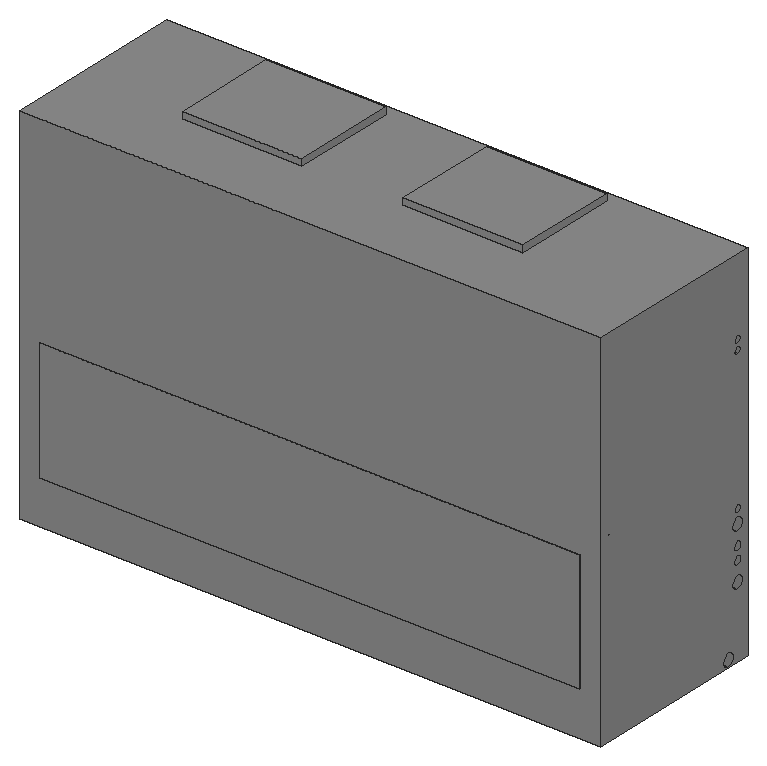
Revit family
Parameters (values of type "40RUA14")
  Width = 2' - 4 3/16"
  Voltage = 0 V
  Version = 1
  Unit Material = Paint - Carrier - American Sterling Gray
  UV-C Germicidal Lamp [instance] = no
  URL = "www.carrier.com"
  Type Comments = "12.5 Tons DX Coil Packed Air-Handling Unit"
  Top Duct Width = 1' - 4 1/16"
  Top Duct Length = 1' - 6 3/8"
  Top Duct Height = 0' - 1"
  TXV Bulb Connection Size = 7/8"
  TXV Bulb Connection Radius = TXV Bulb Connection Size / 2  # 0' - 0 7/16"
  Suction Connection Size = 1 1/8"
  Suction Connection Radius = Suction Connection Size / 2  # 0' - 0 9/16"
  Subbase [instance] = no
  Steam Heating Coil [instance] = no
  Right Clearance = 2' - 6"
  Return Air Intake Length = 6' - 10 3/4"
  Return Air Grille [instance] = no
  Programmable Thermostats [instance] = no
  Prepainted Units [instance] = no
  Overhead Suspension Package [instance] = no
  Model = "40RUA14"
  Manufacturer = "Carrier"  # constant formula
  MOCP = 0 A
  MCA = 0 A
  Liquid Connection Size = 5/8"
  Liquid Connection Radius = Liquid Connection Size / 2  # 0' - 0 5/16"
  Length = 7' - 5"
  Left Clearance = 2' - 6"
  Hot Water Heating Coils [instance] = no
  Height = 4' - 8 1/16"
  Front Return Air Intake Height = 1' - 6 1/2"
  Front Clearance = 2' - 6"
  Fan Radius = 1' - 0"
  Electric Heat [instance] = no
  Economizer [instance] = no
  Drain Connection Size = 1 1/4"
  Drain Connection Radius = Drain Connection Size / 2  # 0' - 0 5/8"
  Disclaimer = "Manufacturer reserves the right to change, at any time, specifications and designs without notice and without obligation.  Please verify critical parameters with local Carrier commercial sales office."  # constant formula
  Discharge Plenum [instance] = no
  Condensate Drain Trap [instance] = no
  CO2 Sensors [instance] = no
  CFM Per Duct [instance] = 0 CFM
  CFM (nominal) = 0 CFM
  Bottom Return Air Intake Width = 1' - 5 1/4"
  Back Clearance = 0' - 3"
  Assembly Code = "D3050200"
  Alternate Fan Motors [instance] = no
  Alternate Drives [instance] = no
Types (7): name | Type Comments | Top Duct Width | Top Duct Length | Suction Connection Size | Suction Connection Radius | Model | Liquid Connection Size | Liquid Connection Radius
  (no name) | "12.5 Tons DX Coil Packed Air-Handling Unit" | 1' - 4 1/16" | 1' - 6 3/8" | 1 1/8" | 0' - 0 9/16" | "40RUA14" | 5/8" | 0' - 0 5/16"
  40RUA14 | "12.5 Tons DX Coil Packed Air-Handling Unit" | 1' - 4 1/16" | 1' - 6 3/8" | 1 1/8" | 0' - 0 9/16" | "40RUA14" | 5/8" | 0' - 0 5/16"
  40RUA16 | "15 Tons DX Coil Packed Air-Handling Unit" | 1' - 4" | 1' - 6" | 1 1/8" | 0' - 0 9/16" | "40RUA16" | 5/8" | 0' - 0 5/16"
  40RUA25 | "20 Tons DX Coil Packed Air-Handling Unit" | 1' - 4" | 1' - 6" | 1 1/8" | 0' - 0 9/16" | "40RUA25" | 5/8" | 0' - 0 5/16"
  40RUS14 | "12.5 Tons Chilled Water Coil Packed Air-Handling Unit" | 1' - 4" | 1' - 6" | 1 3/8" | 0' - 0 11/16" | "40RUS14" | 1 3/8" | 0' - 0 11/16"
  40RUS16 | "15 Tons Chilled Water Coil Packed Air-Handling Unit" | 1' - 4" | 1' - 6" | 1 3/8" | 0' - 0 11/16" | "40RUS16" | 1 3/8" | 0' - 0 11/16"
  40RUS25 | "20 Tons Chilled Water Coil Packed Air-Handling Unit" | 1' - 4" | 1' - 6" | 1 3/8" | 0' - 0 11/16" | "40RUS25" | 1 3/8" | 0' - 0 11/16"
Reference planes (in)
  plane 1 "Center (Front/Back)": y = 0
  plane 2: z = 0
  plane 3 "Center (Left/Right)": x = 0
  plane 4 "Bace Face of Unit": y = 14.09375
  plane 5 "Front Face of Unit": y = -14.09375
  plane 6 "Left Face of Unit": x = -44.5
  plane 7 "Right Face of Unit": x = 44.5
  plane 8 "Back Clearance Line": y = 17.09375
  plane 9 "Left Clearance Line": x = -74.5
  plane 10 "Right Clearance Line": x = 74.5
  plane 11 "Front Clearance Line": y = -44.09375
  plane 12 "Top of Unit": z = 56.0625
  plane 13 "Bottom of Unit": z = 0
  plane 14 "Left Top Duct Left Edge": x = -28
  plane 15 "Left Top Duct Right Edge": x = -9.625
  plane 16 "Top Duct Back Edge": y = 12.46875
  plane 17 "Top Duct Front Edge": y = -3.59375
  plane 18 "Top Duct Top": z = 57.0625
  plane 19 "Side Connections Centerline": y = 12.09375
  plane 20 "Lower Suction Connection Centerline": z = 11.0625
  plane 21 "Lower Liquid Connection Centerline": z = 14.0625
  plane 22 "Upper Liquid Connection Centerline": z = 16.0625
  plane 23 "Upper Suction Connection Centerline": z = 19.0625
  plane 24 "TXV Bulb Connection": z = 21.1875
  plane 25 "Top Power Entry Centerline": z = 44.4375
  plane 26 "Lower Power Entry Centerline": z = 42.9375
  plane 27 "Drain Connection Centerline": z = 1.125
  plane 28 "Drain Centerline - Horizontal": y = 10.34375
  plane 29 "Right Top Duct Left Edge": x = 5.75
  plane 30 "Right Top Duct Right Edge": x = 24.125
  plane 31 "Front Drain Connection Horizontal": z = 29.0625
  plane 32 "Front Drain Connection Vertical": y = -12.09375
  plane 33 "Left Edge of Intake": x = -41.375
  plane 34 "Right Edge of Intake": x = 41.375
  plane 35 "Top Edge of Intake": z = 25.25
  plane 36 "Bottom Edge of Intake": z = 6.75
  plane 37 "Back Edge of Intake": y = 6.84375
  plane 38 "Front Edge of Intake": y = -10.40625
Forms (in)
  Extrusion 1, solid, material "Paint - Carrier - American Sterling Gray" <- "Unit Material"
    sketch origin (0, 0, 0) x (1, 0, 0) y (0, 1, 0)
      loop
        line (-44.5, -14.09375) -> (44.5, -14.09375) -> (44.5, 14.09375) -> (-44.5, 14.09375) -> (-44.5, -14.09375)
    from 0 to 56.0625
  Extrusion 2, solid, material "Paint - Carrier - American Sterling Gray" <- "Unit Material", detail levels medium+fine
    sketch origin (0, 0, 56.0625) x (-1, 0, 0) y (0, -1, 0)
      loop
        line (28, 3.59375) -> (9.625, 3.59375) -> (9.625, -12.46875) -> (28, -12.46875) -> (28, 3.59375)
    from 0 to 1
  Extrusion 3, solid, material "Paint - Carrier - American Sterling Gray" <- "Unit Material", detail levels fine
    sketch origin (44.5, 0, 0) x (0, 1, 0) y (0, 0, 1)
      loop
        circle (12.09375, 44.4375) r 0.4375
    from 0 to -0.5
  Extrusion 4, solid, material "Paint - Carrier - American Sterling Gray" <- "Unit Material", detail levels fine
    sketch origin (44.5, 0, 0) x (0, 1, 0) y (0, 0, 1)
      loop
        circle (12.09375, 42.9375) r 0.4375
    from 0 to -0.5
  Extrusion 5, solid, material "Paint - Carrier - American Sterling Gray" <- "Unit Material", detail levels fine
    sketch origin (44.5, 0, 0) x (0, 1, 0) y (0, 0, 1)
      loop
        circle (12.09375, 21.1875) r 0.4375
    from 0 to -0.5
  Extrusion 6, solid, material "Paint - Carrier - American Sterling Gray" <- "Unit Material", detail levels fine
    sketch origin (44.5, 0, 0) x (0, 1, 0) y (0, 0, 1)
      loop
        circle (12.09375, 19.0625) r 0.875
    from 0 to -0.5
  Extrusion 7, solid, material "Paint - Carrier - American Sterling Gray" <- "Unit Material", detail levels fine
    sketch origin (44.5, 0, 0) x (0, 1, 0) y (0, 0, 1)
      loop
        circle (12.09375, 16.0625) r 0.5625
    from 0 to -0.5
  Extrusion 8, solid, material "Paint - Carrier - American Sterling Gray" <- "Unit Material", detail levels fine
    sketch origin (44.5, 0, 0) x (0, 1, 0) y (0, 0, 1)
      loop
        circle (12.09375, 14.0625) r 0.5625
    from 0 to -0.5
  Extrusion 9, solid, material "Paint - Carrier - American Sterling Gray" <- "Unit Material", detail levels fine
    sketch origin (44.5, 0, 0) x (0, 1, 0) y (0, 0, 1)
      loop
        circle (12.09375, 11.0625) r 0.875
    from 0 to -0.5
  Extrusion 10, solid, material "Paint - Carrier - American Sterling Gray" <- "Unit Material", detail levels fine
    sketch origin (44.5, 0, 0) x (0, 1, 0) y (0, 0, 1)
      loop
        circle (10.34375, 1.125) r 0.875
    from 0 to -0.5
  Extrusion 11, solid, material "Paint - Carrier - American Sterling Gray" <- "Unit Material", detail levels medium+fine
    sketch origin (0, 0, 56.0625) x (-1, 0, 0) y (0, -1, 0)
      loop
        line (-5.75, 3.59375) -> (-24.125, 3.59375) -> (-24.125, -12.46875) -> (-5.75, -12.46875) -> (-5.75, 3.59375)
    from 1 to 0
  Extrusion 12, solid, material "Paint - Carrier - American Sterling Gray" <- "Unit Material", detail levels fine
    sketch origin (44.5, 0, 0) x (0, 1, 0) y (0, 0, 1)
      loop
        circle (-12.09375, 29.0625) r 0.875
    from 0 to -0.5
  Extrusion 13, solid, material "Paint - Carrier - American Sterling Gray" <- "Unit Material", detail levels medium+fine
    sketch origin (0, -14.09375, 0) x (-1, 0, 0) y (0, 0, 1)
      loop
        line (41.375, 6.75) -> (41.375, 25.25) -> (-41.375, 25.25) -> (-41.375, 6.75) -> (41.375, 6.75)
    from 0 to 0.5
  Extrusion 14, solid, material "Paint - Carrier - American Sterling Gray" <- "Unit Material", detail levels medium+fine
    sketch origin (0, 0, 0) x (-1, 0, 0) y (0, -1, 0)
      loop
        line (41.375, 10.40625) -> (-41.375, 10.40625) -> (-41.375, -6.84375) -> (41.375, -6.84375) -> (41.375, 10.40625)
    from 0 to 0.5
Lines and regions (in)
  symbolic lines, style "Clearance Zones", detail levels fine
    curve 1: line (-74.5, -44.09375, 0) -> (74.5, -44.09375, 0)
    curve 2: line (-74.5, 17.09375, 0) -> (-74.5, -44.09375, 0)
    curve 3: line (74.5, 17.09375, 0) -> (-74.5, 17.09375, 0)
    curve 4: line (74.5, -44.09375, 0) -> (74.5, 17.09375, 0)
  model lines, detail levels medium+fine
    curve 5: line (-42, -14.09375, 3.5) -> (42, -14.09375, 3.5)
    curve 6: line (-42, -14.09375, 26.78125) -> (-42, -14.09375, 3.5)
    curve 7: line (42, -14.09375, 26.78125) -> (-42, -14.09375, 26.78125)
    curve 8: line (42, -14.09375, 3.5) -> (42, -14.09375, 26.78125)
    curve 9: line (-42, -14.09375, 29.28125) -> (42, -14.09375, 29.28125)
    curve 10: line (-42, -14.09375, 53.5625) -> (-42, -14.09375, 29.28125)
    curve 11: line (42, -14.09375, 53.5625) -> (-42, -14.09375, 53.5625)
    curve 12: line (42, -14.09375, 29.28125) -> (42, -14.09375, 53.5625)
    curve 13: line (-44.5, 10.09375, 3.5) -> (-44.5, -10.09375, 3.5)
    curve 14: line (-44.5, 10.09375, 53.5625) -> (-44.5, 10.09375, 3.5)
    curve 15: line (-44.5, -10.09375, 53.5625) -> (-44.5, 10.09375, 53.5625)
    curve 16: line (-44.5, -10.09375, 3.5) -> (-44.5, -10.09375, 53.5625)
    curve 17: line (44.5, -10.09375, 3.5) -> (44.5, 10.09375, 3.5)
    curve 18: line (44.5, -10.09375, 53.5625) -> (44.5, -10.09375, 3.5)
    curve 19: line (44.5, 10.09375, 53.5625) -> (44.5, -10.09375, 53.5625)
    curve 20: line (44.5, 10.09375, 3.5) -> (44.5, 10.09375, 53.5625)
Dimensions and locks (in)
  equal spacing: plane 6 "Left Face of Unit", plane 3 "Center (Left/Right)", plane 7 "Right Face of Unit"
  "Length": plane 6 "Left Face of Unit" to plane 7 "Right Face of Unit"
  equal spacing: plane 4 "Bace Face of Unit", plane 1 "Center (Front/Back)", plane 5 "Front Face of Unit"
  "Width": plane 4 "Bace Face of Unit" to plane 5 "Front Face of Unit"
  "Left Clearance": plane 9 "Left Clearance Line" to plane 6 "Left Face of Unit"
  "Right Clearance": plane 7 "Right Face of Unit" to plane 10 "Right Clearance Line"
  "Back Clearance": plane 8 "Back Clearance Line" to plane 4 "Bace Face of Unit"
  "Front Clearance": plane 5 "Front Face of Unit" to plane 11 "Front Clearance Line"
  "Height": plane 12 "Top of Unit" to level
  plane 6 "Left Face of Unit" to plane 14 "Left Top Duct Left Edge" = 1' - 4 1/2"
  "Top Duct Length": plane 14 "Left Top Duct Left Edge" to plane 15 "Left Top Duct Right Edge"
  "Top Duct Width": plane 16 "Top Duct Back Edge" to plane 17 "Top Duct Front Edge"
  locked: plane 4 "Bace Face of Unit" to plane 16 "Top Duct Back Edge" at 1.625
  "Top Duct Height": plane 18 "Top Duct Top" to plane 12 "Top of Unit"
  locked: curve 10 to plane 6 "Left Face of Unit" at 2.5
  locked: plane 7 "Right Face of Unit" to curve 12 at 2.5
  locked: plane 12 "Top of Unit" to curve 11 at 2.5
  locked: curve 11 to curve 9 at 24.28125
  locked: curve 9 to curve 7 at 2.5
  locked: curve 5 to plane 13 "Bottom of Unit" at 3.5
  plane 4 "Bace Face of Unit" to curve 14 = 0' - 4"
  curve 16 to plane 5 "Front Face of Unit" = 0' - 4"
  curve 13 to plane 13 "Bottom of Unit" = 0' - 3 1/2"
  plane 12 "Top of Unit" to curve 15 = 0' - 2 1/2"
  locked: plane 19 "Side Connections Centerline" to plane 4 "Bace Face of Unit" at 2
  locked: plane 20 "Lower Suction Connection Centerline" to plane 13 "Bottom of Unit" at 11.0625
  locked: plane 21 "Lower Liquid Connection Centerline" to plane 13 "Bottom of Unit" at 14.0625
  locked: plane 22 "Upper Liquid Connection Centerline" to plane 13 "Bottom of Unit" at 16.0625
  locked: plane 23 "Upper Suction Connection Centerline" to plane 13 "Bottom of Unit" at 19.0625
  locked: plane 24 "TXV Bulb Connection" to plane 13 "Bottom of Unit" at 21.1875
  locked: plane 26 "Lower Power Entry Centerline" to plane 13 "Bottom of Unit" at 42.9375
  locked: plane 25 "Top Power Entry Centerline" to plane 13 "Bottom of Unit" at 44.4375
  locked: plane 28 "Drain Centerline - Horizontal" to plane 4 "Bace Face of Unit" at 3.75
  locked: plane 15 "Left Top Duct Right Edge" to plane 29 "Right Top Duct Left Edge" at 15.375
  "Top Duct Length": plane 29 "Right Top Duct Left Edge" to plane 30 "Right Top Duct Right Edge"
  locked: plane 31 "Front Drain Connection Horizontal" to plane 13 "Bottom of Unit" at 29.0625
  locked: plane 5 "Front Face of Unit" to plane 32 "Front Drain Connection Vertical" at 2
  locked: plane 33 "Left Edge of Intake" to plane 6 "Left Face of Unit" at 3.125
  "Return Air Intake Length": plane 34 "Right Edge of Intake" to plane 33 "Left Edge of Intake"
  locked: plane 36 "Bottom Edge of Intake" to plane 13 "Bottom of Unit" at 6.75
  "Front Return Air Intake Height": plane 35 "Top Edge of Intake" to plane 36 "Bottom Edge of Intake"
  locked: Extrusion 13 to plane 5 "Front Face of Unit" at 0.5
  locked: plane 38 "Front Edge of Intake" to plane 5 "Front Face of Unit" at 3.6875
  "Bottom Return Air Intake Width": plane 37 "Back Edge of Intake" to plane 38 "Front Edge of Intake"
  locked: Extrusion 14 to plane 13 "Bottom of Unit" at 0.5
  radius of Extrusion 3 sketch curve = 0' - 0 7/16"
  radius of Extrusion 4 sketch curve = 0' - 0 7/16"
  radius of Extrusion 5 sketch curve = 0' - 0 7/16"
  radius of Extrusion 6 sketch curve = 0' - 0 7/8"
  radius of Extrusion 7 sketch curve = 0' - 0 9/16"
  radius of Extrusion 8 sketch curve = 0' - 0 9/16"
  radius of Extrusion 9 sketch curve = 0' - 0 7/8"
  radius of Extrusion 10 sketch curve = 0' - 0 7/8"
  radius of Extrusion 12 sketch curve = 0' - 0 7/8"
  aligned and locked: level to plane 2
  aligned and locked: plane 8 "Back Clearance Line" to curve 3
  aligned and locked: plane 10 "Right Clearance Line" to curve 4
  aligned and locked: curve 1 to plane 11 "Front Clearance Line"
  aligned and locked: curve 2 to plane 9 "Left Clearance Line"
  aligned and locked: level to plane 13 "Bottom of Unit"
  aligned and locked: plane 4 "Bace Face of Unit" to Extrusion 1 sketch curve
  aligned and locked: Extrusion 1 sketch curve to plane 6 "Left Face of Unit"
  aligned and locked: plane 7 "Right Face of Unit" to Extrusion 1
  aligned and locked: Extrusion 1 to plane 5 "Front Face of Unit"
  aligned and locked: plane 12 "Top of Unit" to Extrusion 1
  aligned and locked: Extrusion 1 to plane 13 "Bottom of Unit"
  aligned and locked: plane 16 "Top Duct Back Edge" to Extrusion 2 sketch curve
  aligned and locked: plane 15 "Left Top Duct Right Edge" to Extrusion 2 sketch curve
  aligned and locked: Extrusion 2 sketch curve to plane 14 "Left Top Duct Left Edge"
  aligned and locked: Extrusion 2 sketch curve to plane 17 "Top Duct Front Edge"
  aligned and locked: Extrusion 2 to plane 12 "Top of Unit"
  aligned and locked: plane 18 "Top Duct Top" to Extrusion 2
  aligned and locked: curve 10 to curve 6
  aligned and locked: curve 8 to curve 12
  aligned and locked: curve 19 to curve 15
  aligned and locked: curve 18 to curve 16
  aligned and locked: curve 17 to curve 13
  aligned and locked: curve 20 to curve 14
  aligned and locked: plane 19 "Side Connections Centerline" to Extrusion 3 sketch curve
  aligned and locked: plane 25 "Top Power Entry Centerline" to Extrusion 3 sketch curve
  aligned and locked: plane 7 "Right Face of Unit" to Extrusion 3
  aligned and locked: plane 19 "Side Connections Centerline" to Extrusion 4 sketch curve
  aligned and locked: plane 26 "Lower Power Entry Centerline" to Extrusion 4 sketch curve
  aligned and locked: plane 19 "Side Connections Centerline" to Extrusion 5 sketch curve
  aligned and locked: plane 24 "TXV Bulb Connection" to Extrusion 5 sketch curve
  aligned and locked: plane 23 "Upper Suction Connection Centerline" to Extrusion 6 sketch curve
  aligned and locked: plane 19 "Side Connections Centerline" to Extrusion 6 sketch curve
  aligned and locked: plane 19 "Side Connections Centerline" to Extrusion 7 sketch curve
  aligned and locked: plane 22 "Upper Liquid Connection Centerline" to Extrusion 7 sketch curve
  aligned and locked: plane 19 "Side Connections Centerline" to Extrusion 8 sketch curve
  aligned and locked: plane 21 "Lower Liquid Connection Centerline" to Extrusion 8 sketch curve
  aligned and locked: plane 19 "Side Connections Centerline" to Extrusion 9 sketch curve
  aligned and locked: plane 20 "Lower Suction Connection Centerline" to Extrusion 9 sketch curve
  aligned and locked: plane 28 "Drain Centerline - Horizontal" to Extrusion 10 sketch curve
  aligned and locked: plane 27 "Drain Connection Centerline" to Extrusion 10 sketch curve
  aligned and locked: plane 7 "Right Face of Unit" to Extrusion 10
  aligned and locked: plane 7 "Right Face of Unit" to Extrusion 9
  aligned and locked: plane 7 "Right Face of Unit" to Extrusion 8
  aligned and locked: plane 7 "Right Face of Unit" to Extrusion 7
  aligned and locked: plane 7 "Right Face of Unit" to Extrusion 6
  aligned and locked: plane 7 "Right Face of Unit" to Extrusion 5
  aligned and locked: plane 7 "Right Face of Unit" to Extrusion 4
  aligned and locked: plane 30 "Right Top Duct Right Edge" to Extrusion 11 sketch curve
  aligned and locked: Extrusion 11 sketch curve to plane 29 "Right Top Duct Left Edge"
  aligned and locked: plane 16 "Top Duct Back Edge" to Extrusion 11 sketch curve
  aligned and locked: Extrusion 11 sketch curve to plane 17 "Top Duct Front Edge"
  aligned and locked: Extrusion 11 to plane 12 "Top of Unit"
  aligned and locked: plane 18 "Top Duct Top" to Extrusion 11
  aligned and locked: plane 32 "Front Drain Connection Vertical" to Extrusion 12 sketch curve
  aligned and locked: plane 31 "Front Drain Connection Horizontal" to Extrusion 12 sketch curve
  aligned and locked: plane 7 "Right Face of Unit" to Extrusion 12
  aligned and locked: plane 34 "Right Edge of Intake" to Extrusion 13 sketch curve
  aligned and locked: Extrusion 13 sketch curve to plane 33 "Left Edge of Intake"
  aligned and locked: Extrusion 13 sketch curve to plane 36 "Bottom Edge of Intake"
  aligned and locked: plane 35 "Top Edge of Intake" to Extrusion 13 sketch curve
  aligned and locked: Extrusion 13 to plane 5 "Front Face of Unit"
  aligned and locked: plane 34 "Right Edge of Intake" to Extrusion 14 sketch curve
  aligned and locked: Extrusion 14 sketch curve to plane 33 "Left Edge of Intake"
  aligned and locked: plane 37 "Back Edge of Intake" to Extrusion 14 sketch curve
  aligned and locked: Extrusion 14 sketch curve to plane 38 "Front Edge of Intake"
  aligned and locked: Extrusion 14 to plane 13 "Bottom of Unit"
Automatic sketch dimensions
  Extrusion 1 sketch curve to plane 7 "Right Face of Unit" = 0' - 0"
  plane 5 "Front Face of Unit" to Extrusion 1 sketch curve = 0' - 0"
Connectors (in)
  hvac at (-18.8125, 4.4375, 57.0625), driven by "Top Duct Length", driven by "Top Duct Width", driven by "CFM Per Duct"
    settings: on Extrusion 2, index 1, duct flow 0 CFM, flow factor 0, pres drop 0.00 in-wg, loss coef 0, conn angle 0.00°, conn width 18 3/8", conn height 16 1/16", conn radius 12", duct sys type 1, conn prof type 1, flow config 0, flow direction 2, loss method 0, conn ref index -1, conn util no, is conn primary yes, conn desc "Left Top Supply Air"
  piping at (44.5, 10.34375, 1.125), driven by "Drain Connection Radius"
    settings: on Extrusion 10, index 2, connector radius 5/8", flow factor 0, pipe flow 0 GPM, pressure drop 0.00 psi, fitting loss kfactor 0, connector angle 0.00°, fixture units 0, flow configuration 0, flow direction 2, fitting loss method 0, system type 16, connector reference index -1, connector utility 0, adjustable connector no, is connector primary yes, fitting loss table "", connector description "Drain"
  piping at (44.5, 12.09375, 11.0625), driven by "Suction Connection Radius"
    settings: on Extrusion 9, index 3, connector radius 9/16", flow factor 0, pipe flow 0 GPM, pressure drop 0.00 psi, fitting loss kfactor 0, connector angle 0.00°, fixture units 0, flow configuration 1, flow direction 2, fitting loss method 0, system type 22, connector reference index -1, connector utility 0, adjustable connector no, is connector primary no, fitting loss table "", connector description "Lower Suction Connection"
  piping at (44.5, 12.09375, 14.0625), driven by "Liquid Connection Radius"
    settings: on Extrusion 8, index 4, connector radius 5/16", flow factor 0, pipe flow 0 GPM, pressure drop 0.00 psi, fitting loss kfactor 0, connector angle 0.00°, fixture units 0, flow configuration 1, flow direction 1, fitting loss method 0, system type 22, connector reference index -1, connector utility 0, adjustable connector no, is connector primary no, fitting loss table "", connector description "Lower Liquid Connection"
  piping at (44.5, 12.09375, 16.0625), driven by "Liquid Connection Radius"
    settings: on Extrusion 7, index 5, connector radius 5/16", flow factor 0, pipe flow 0 GPM, pressure drop 0.00 psi, fitting loss kfactor 0, connector angle 0.00°, fixture units 0, flow configuration 1, flow direction 1, fitting loss method 0, system type 22, connector reference index -1, connector utility 0, adjustable connector no, is connector primary no, fitting loss table "", connector description "Upper Liquid Connection"
  piping at (44.5, 12.09375, 19.0625), driven by "Suction Connection Radius"
    settings: on Extrusion 6, index 6, connector radius 9/16", flow factor 0, pipe flow 0 GPM, pressure drop 0.00 psi, fitting loss kfactor 0, connector angle 0.00°, fixture units 0, flow configuration 1, flow direction 2, fitting loss method 0, system type 22, connector reference index -1, connector utility 0, adjustable connector no, is connector primary no, fitting loss table "", connector description "Upper Suction Connection"
  piping at (44.5, 12.09375, 21.1875), driven by "TXV Bulb Connection Radius"
    settings: on Extrusion 5, index 7, connector radius 7/16", flow factor 0, pipe flow 0 GPM, pressure drop 0.00 psi, fitting loss kfactor 0, connector angle 0.00°, fixture units 0, flow configuration 1, flow direction 1, fitting loss method 0, system type 22, connector reference index -1, connector utility 0, adjustable connector no, is connector primary no, fitting loss table "", connector description "TXV Bulb"
  electrical at (44.5, 12.09375, 44.4375)
    settings: on Extrusion 3, index 8, voltage 0 V, apparent load 0 VA, apparent load phase1 0 VA, apparent load phase2 0 VA, apparent load phase3 0 VA, power factor 1, load classification "Power", number of poles 3, system type 30, power factor state 1, is connector primary yes, connector utility no, sub classification motor no, connector description "Power Supply"
  electrical at (44.5, 12.09375, 42.9375)
    settings: on Extrusion 4, index 9, voltage 0 V, apparent load 0 VA, apparent load phase1 0 VA, apparent load phase2 0 VA, apparent load phase3 0 VA, power factor 1, load classification "Motor", number of poles 3, system type 30, power factor state 1, is connector primary no, connector utility no, sub classification motor no, connector description "Optional Fan Motor"
  hvac at (14.9375, 4.4375, 57.0625), driven by "CFM Per Duct", driven by "Top Duct Length", driven by "Top Duct Width"
    settings: on Extrusion 11, index 10, duct flow 0 CFM, flow factor 0, pres drop 0.00 in-wg, loss coef 0, conn angle 0.00°, conn width 18 3/8", conn height 16 1/16", conn radius 12", duct sys type 1, conn prof type 1, flow config 1, flow direction 2, loss method 0, conn ref index -1, conn util no, is conn primary no, conn desc "Right Top Supply Air"
  hvac at (0, -14.09375, 16), driven by "Front Return Air Intake Height", driven by "Return Air Intake Length"
    settings: on Extrusion 13, index 11, duct flow 0 CFM, flow factor 0, pres drop 0.00 in-wg, loss coef 0, conn angle 0.00°, conn width 82 3/4", conn height 18 1/2", conn radius 12", duct sys type 2, conn prof type 1, flow config 0, flow direction 1, loss method 0, conn ref index -1, conn util no, is conn primary no, conn desc "Front Return Air Intake"
  hvac at (0, -1.78125, 0), driven by "Bottom Return Air Intake Width", driven by "Return Air Intake Length"
    settings: on Extrusion 14, index 12, duct flow 0 CFM, flow factor 0, pres drop 0.00 in-wg, loss coef 0, conn angle 0.00°, conn width 82 3/4", conn height 17 1/4", conn radius 12", duct sys type 2, conn prof type 1, flow config 0, flow direction 1, loss method 0, conn ref index -1, conn util no, is conn primary no, conn desc "Bottom Return Air Intake"
